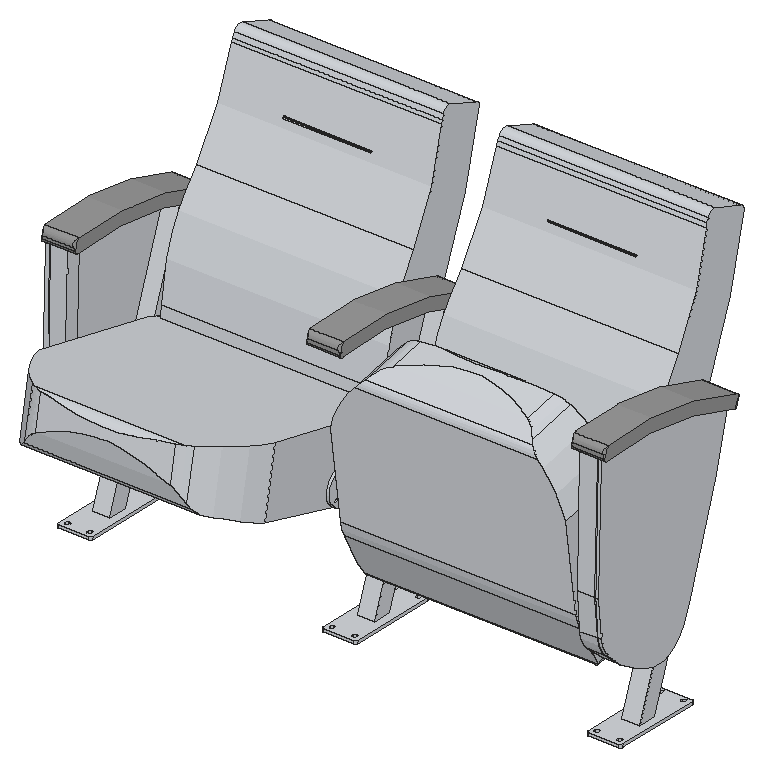
Revit family "104_PACIFIC-LB-585-CBCS(Recovery)", category Furniture Systems, Revit 2019
Family settings
  Round Connector Dimension = Use Diameter
  Part Type = Normal
  Work Plane-Based = No
  Always vertical = Yes
  Cut with Voids When Loaded = No
  Shared = No
  Room Calculation Point = No
Parameters (values of type "CC 560")
  Description = "PACIFIC, HB, CB-CS, C/C:560"
Reference planes
  plane 1 "Center (Front/Back)": y = 0
  plane 2: z = 0
  plane 3 "Center (Left/Right)": x = 0
  plane 4 "R": x = -585
  plane 5 "L": x = 585
  plane 6 "seat Ctr RT": x = -292.5
  plane 7 "seat ctr LF": x = 292.5
  plane 8 "Sizeline": y = -88.5
  plane 9 "RIGHT OUTER PANEL": x = -614
  plane 10 "LEFT AOTER PANEL": x = 614
  plane 11 "BACK HEIGHT": z = 865
  plane 12 "BACK": y = 361.5
  plane 13 "20 DEG": through (0, 289.766, 987.699) normal (0, -0.9397, 0.342)
  plane 14 "clos dep": y = -168.5
  plane 15 "OPEN DEP": y = -393.5
Forms (mm)
  Extrusion 1, solid
    sketch origin (0, 0, 0) x (0, 1, 0) y (0, 0, 1)
      loop
        line (-26.51, 6) -> (13.928, 6) -> (205.814, 533.201) -> (170.106, 546.198) -> (-26.51, 6)
    from -19 to 19
  Extrusion 2, solid
    sketch origin (0, 0, 0) x (1, 0, 0) y (0, 1, 0)
      loop
        arc (-33, 101.5) -> (-36.536, 100.036) -> (-38, 96.5) r 5
        line (-38, 96.5) -> (-38, -96.5)
        arc (-38, -96.5) -> (-36.536, -100.036) -> (-33, -101.5) r 5
        line (-33, -101.5) -> (33, -101.5)
        arc (33, -101.5) -> (36.536, -100.036) -> (38, -96.5) r 5
        line (38, -96.5) -> (38, 96.5)
        arc (38, 96.5) -> (36.536, 100.036) -> (33, 101.5) r 5
        line (33, 101.5) -> (-33, 101.5)
      loop
        circle (25, 88.5) r 5
      loop
        circle (-25, 88.5) r 5
      loop
        circle (-25, -88.5) r 5
      loop
        circle (25, -88.5) r 5
      loop
        arc (-618, 101.5) -> (-621.536, 100.036) -> (-623, 96.5) r 5
        line (-623, 96.5) -> (-623, -96.5)
        arc (-623, -96.5) -> (-621.536, -100.036) -> (-618, -101.5) r 5
        line (-618, -101.5) -> (-552, -101.5)
        arc (-552, -101.5) -> (-548.464, -100.036) -> (-547, -96.5) r 5
        line (-547, -96.5) -> (-547, 96.5)
        arc (-547, 96.5) -> (-548.464, 100.036) -> (-552, 101.5) r 5
        line (-552, 101.5) -> (-618, 101.5)
      loop
        circle (-560, 88.5) r 5
      loop
        circle (-610, 88.5) r 5
      loop
        circle (-610, -88.5) r 5
      loop
        circle (-560, -88.5) r 5
      loop
        arc (552, 101.5) -> (548.464, 100.036) -> (547, 96.5) r 5
        line (547, 96.5) -> (547, -96.5)
        arc (547, -96.5) -> (548.464, -100.036) -> (552, -101.5) r 5
        line (552, -101.5) -> (618, -101.5)
        arc (618, -101.5) -> (621.536, -100.036) -> (623, -96.5) r 5
        line (623, -96.5) -> (623, 96.5)
        arc (623, 96.5) -> (621.536, 100.036) -> (618, 101.5) r 5
        line (618, 101.5) -> (552, 101.5)
      loop
        circle (610, 88.5) r 5
      loop
        circle (560, 88.5) r 5
      loop
        circle (560, -88.5) r 5
      loop
        circle (610, -88.5) r 5
    from 0 to 6
  Extrusion 3, solid
    sketch origin (0, 0, 0) x (0, 1, 0) y (0, 0, 1)
      loop
        arc (-101.455, 582.835) -> (54.94, 575.212) -> (205.662, 532.784) r 695.254
        line (205.662, 532.784) -> (207.287, 537.247)
        arc (207.287, 537.247) -> (55.614, 579.911) -> (-101.759, 587.572) r 700
        line (-101.759, 587.572) -> (-101.455, 582.835)
    from -19 to 19
  Extrusion 4, solid
    sketch origin (-614, 0, 0) x (0, 0, -1) y (0, -1, 0)
      loop
        arc (-117.149, 14.195) -> (-145.681, 71.818) -> (-185.836, 122.037) r 300
        arc (-185.836, 122.037) -> (-206.318, 136.475) -> (-230.225, 143.991) r 81.315
        arc (-230.225, 143.991) -> (-271.367, 148.68) -> (-312.75, 150.137) r 528.986
        line (-312.75, 150.137) -> (-584.657, 142.965)
        arc (-584.657, 142.965) -> (-583.127, -32.628) -> (-537.783, -202.272) r 697.378
        line (-537.783, -202.272) -> (-418.482, -172.763)
        arc (-418.482, -172.763) -> (-306.107, -138.003) -> (-195.905, -96.868) r 2054.339
        arc (-195.905, -96.868) -> (-176.76, -88.34) -> (-157.687, -79.65) r 2458.506
        arc (-157.687, -79.65) -> (-118.869, -40.74) -> (-117.149, 14.195) r 74.751
    from -9 to 0
  Extrusion 5, solid
    sketch origin (-585, 0, 0) x (0, 1, 0) y (0, 0, 1)
      loop
        line (-25.138, 121.418) -> (-24.642, 140.233) -> (-122.507, 222.503) -> (-121.39, 264.864)
        arc (-121.39, 264.864) -> (-134.611, 296.804) -> (-119.724, 328.004) r 42.5
        line (-119.724, 328.004) -> (-112.878, 587.55)
        arc (-112.878, 587.55) -> (-127.937, 586.267) -> (-142.965, 584.657) r 697.378
        line (-142.965, 584.657) -> (-150.137, 312.75)
        arc (-150.137, 312.75) -> (-148.68, 271.367) -> (-143.991, 230.225) r 528.986
        arc (-143.991, 230.225) -> (-136.475, 206.318) -> (-122.037, 185.836) r 81.315
        arc (-122.037, 185.836) -> (-76.741, 148.884) -> (-25.138, 121.418) r 300
    from -20 to 19
  Extrusion 6, solid
    sketch origin (-585, 0, 0) x (0, 1, 0) y (0, 0, 1)
      loop
        line (-26.51, 6) -> (13.928, 6) -> (205.814, 533.201) -> (170.106, 546.198) -> (-26.51, 6)
    from -19 to 19
  Extrusion 7, solid
    sketch origin (585, 0, 0) x (0, 1, 0) y (0, 0, 1)
      loop
        line (-26.51, 6) -> (13.928, 6) -> (205.814, 533.201) -> (170.106, 546.198) -> (-26.51, 6)
    from -19 to 19
  Extrusion 8, solid
    sketch origin (614, 0, 0) x (0, 0, -1) y (0, -1, 0)
      loop
        arc (-117.149, 14.195) -> (-145.681, 71.818) -> (-185.836, 122.037) r 300
        arc (-185.836, 122.037) -> (-206.318, 136.475) -> (-230.225, 143.991) r 81.315
        arc (-230.225, 143.991) -> (-271.367, 148.68) -> (-312.75, 150.137) r 528.986
        line (-312.75, 150.137) -> (-584.657, 142.965)
        arc (-584.657, 142.965) -> (-583.127, -32.628) -> (-537.783, -202.272) r 697.378
        line (-537.783, -202.272) -> (-418.482, -172.763)
        arc (-418.482, -172.763) -> (-306.107, -138.003) -> (-195.905, -96.868) r 2054.339
        arc (-195.905, -96.868) -> (-176.76, -88.34) -> (-157.687, -79.65) r 2458.506
        arc (-157.687, -79.65) -> (-118.869, -40.74) -> (-117.149, 14.195) r 74.751
    from 0 to 9
  Extrusion 9, solid
    sketch origin (585, 0, 0) x (0, 1, 0) y (0, 0, 1)
      loop
        line (-25.138, 121.418) -> (-24.642, 140.233) -> (-122.507, 222.503) -> (-121.39, 264.864)
        arc (-121.39, 264.864) -> (-134.611, 296.804) -> (-119.724, 328.004) r 42.5
        line (-119.724, 328.004) -> (-112.878, 587.55)
        arc (-112.878, 587.55) -> (-127.937, 586.267) -> (-142.965, 584.657) r 697.378
        line (-142.965, 584.657) -> (-150.137, 312.75)
        arc (-150.137, 312.75) -> (-148.68, 271.367) -> (-143.991, 230.225) r 528.986
        arc (-143.991, 230.225) -> (-136.475, 206.318) -> (-122.037, 185.836) r 81.315
        arc (-122.037, 185.836) -> (-76.741, 148.884) -> (-25.138, 121.418) r 300
    from -19 to 20
  Extrusion 10, solid
    sketch origin (0, 0, 0) x (0, 1, 0) y (0, 0, 1)
      loop
        arc (93.836, 336.649) -> (17.122, 322.719) -> (-60.833, 324.138) r 394.75
        arc (-60.833, 324.138) -> (-64.711, 325.126) -> (-68.189, 327.105) r 15
        arc (-68.189, 327.105) -> (-123.157, 320.124) -> (-117.063, 265.051) r 39.5
        arc (-117.063, 265.051) -> (-112.619, 262.551) -> (-107.593, 261.684) r 15
        line (-107.593, 261.684) -> (66.551, 261.684) -> (93.836, 336.649)
      loop
        circle (-71.126, 313.684) r 5
      loop
        circle (-66.126, 276.684) r 4.25
      loop
        circle (-113.126, 277.684) r 5
    from -3 to 3
  Extrusion 11, solid
    sketch origin (-585, 0, 0) x (0, 1, 0) y (0, 0, 1)
      loop
        arc (93.836, 336.649) -> (17.122, 322.719) -> (-60.833, 324.138) r 394.75
        arc (-60.833, 324.138) -> (-64.711, 325.126) -> (-68.189, 327.105) r 15
        arc (-68.189, 327.105) -> (-123.157, 320.124) -> (-117.063, 265.051) r 39.5
        arc (-117.063, 265.051) -> (-112.619, 262.551) -> (-107.593, 261.684) r 15
        line (-107.593, 261.684) -> (66.551, 261.684) -> (93.836, 336.649)
      loop
        circle (-71.126, 313.684) r 5
      loop
        circle (-66.126, 276.684) r 4.25
      loop
        circle (-113.126, 277.684) r 5
    from -3 to 3
  Extrusion 12, solid
    sketch origin (585, 0, 0) x (0, 1, 0) y (0, 0, 1)
      loop
        arc (93.836, 336.649) -> (17.122, 322.719) -> (-60.833, 324.138) r 394.75
        arc (-60.833, 324.138) -> (-64.711, 325.126) -> (-68.189, 327.105) r 15
        arc (-68.189, 327.105) -> (-123.157, 320.124) -> (-117.063, 265.051) r 39.5
        arc (-117.063, 265.051) -> (-112.619, 262.551) -> (-107.593, 261.684) r 15
        line (-107.593, 261.684) -> (66.551, 261.684) -> (93.836, 336.649)
      loop
        circle (-71.126, 313.684) r 5
      loop
        circle (-66.126, 276.684) r 4.25
      loop
        circle (-113.126, 277.684) r 5
    from -3 to 3
  Extrusion 13, solid
    sketch origin (292.5, -1116.089, 535.735) x (0, 0.351816, 0.936069) y (0, -0.936069, 0.351816)
      loop
        line (801.29, -1272.425) -> (801.29, -1197.363)
        arc (801.29, -1197.363) -> (796.311, -1185.342) -> (784.29, -1180.363) r 17
        line (784.29, -1180.363) -> (774.017, -1180.363)
        arc (774.017, -1180.363) -> (769.887, -1180.54) -> (765.765, -1180.849) r 130.233
        arc (765.765, -1180.849) -> (652.779, -1187.439) -> (540.597, -1172.464) r 593.591
        arc (540.597, -1172.464) -> (412.894, -1154.34) -> (285.021, -1171.223) r 475.235
        arc (285.021, -1171.223) -> (266.292, -1176.626) -> (247.29, -1180.975) r 349.395
        line (247.29, -1180.975) -> (247.29, -1252.684)
        arc (247.29, -1252.684) -> (244.723, -1259.746) -> (238.221, -1263.513) r 11
        arc (238.221, -1263.513) -> (190.577, -1271.392) -> (142.748, -1278.063) r 1910
        arc (142.748, -1278.063) -> (141.499, -1278.725) -> (140.999, -1280.047) r 2
        line (140.999, -1280.047) -> (140.999, -1289.119)
        arc (140.999, -1289.119) -> (141.676, -1290.619) -> (143.249, -1291.103) r 2
        arc (143.249, -1291.103) -> (192.087, -1284.312) -> (240.735, -1276.27) r 1923
        arc (240.735, -1276.27) -> (338.466, -1266.759) -> (436.098, -1277.251) r 482
        arc (436.098, -1277.251) -> (537, -1289.175) -> (638.59, -1290.932) r 1013
        arc (638.59, -1290.932) -> (716.377, -1286.64) -> (794.032, -1280.391) r 3093
        arc (794.032, -1280.391) -> (799.203, -1277.813) -> (801.29, -1272.425) r 8
    from -245 to 245
  Extrusion 14, void
    sketch origin (0, -61.57, 22.41) x (0, 0.34202, 0.939693) y (-1, 0, 0)
      loop
        line (935.443, -63.487) -> (935.443, -22.5) -> (530.443, -22.5) -> (530.443, -47.5) -> (935.443, -63.487)
    from -152.626 to 53.046
  Extrusion 15, void
    sketch origin (585, -61.57, 22.41) x (0, 0.34202, 0.939693) y (-1, 0, 0)
      loop
        line (935.443, 63.487) -> (530.443, 47.5) -> (530.443, 22.5) -> (935.443, 22.5) -> (935.443, 63.487)
    from -152.626 to 53.046
  Extrusion 16, void
    sketch origin (292.5, 0, 0) x (0, 0, 1) y (0, -1, 0)
      loop
        line (750.094, -232.091) -> (744.273, -229.893) -> (743.831, -231.064)
        arc (743.831, -231.064) -> (744.971, -231.88) -> (745.771, -233.031) r 4.104
        arc (745.771, -233.031) -> (746.324, -233.545) -> (747.079, -233.525) r 1
        arc (747.079, -233.525) -> (748.342, -233.198) -> (749.644, -233.283) r 4.104
        line (749.644, -233.283) -> (750.094, -232.091)
    from -100 to 100
  Extrusion 17, solid
    sketch origin (-292.5, 0, 0) x (0, 0, 1) y (0, -1, 0)
      loop
        line (838.139, -356.895) -> (864.547, -286.631)
        arc (864.547, -286.631) -> (864.116, -273.627) -> (854.615, -264.737) r 17
        line (854.615, -264.737) -> (844.999, -261.123)
        arc (844.999, -261.123) -> (841.071, -259.836) -> (837.104, -258.675) r 130.233
        arc (837.104, -258.675) -> (729.023, -225.093) -> (629.28, -171.609) r 593.591
        arc (629.28, -171.609) -> (516.118, -109.716) -> (390.481, -80.531) r 475.235
        arc (390.481, -80.531) -> (371.048, -78.999) -> (351.73, -76.386) r 349.395
        line (351.73, -76.386) -> (326.502, -143.51)
        arc (326.502, -143.51) -> (321.615, -149.218) -> (314.204, -150.456) r 11
        arc (314.204, -150.456) -> (266.833, -141.069) -> (219.715, -130.487) r 1910
        arc (219.715, -130.487) -> (218.313, -130.667) -> (217.38, -131.729) r 2
        line (217.38, -131.729) -> (214.188, -140.221)
        arc (214.188, -140.221) -> (214.294, -141.863) -> (215.596, -142.87) r 2
        arc (215.596, -142.87) -> (263.701, -153.694) -> (312.068, -163.282) r 1923
        arc (312.068, -163.282) -> (406.898, -188.762) -> (494.596, -232.932) r 482
        arc (494.596, -232.932) -> (584.853, -279.593) -> (679.33, -316.978) r 1013
        arc (679.33, -316.978) -> (753.654, -340.328) -> (828.543, -361.798) r 3093
        arc (828.543, -361.798) -> (834.29, -361.205) -> (838.139, -356.895) r 8
    from -245 to 245
  Extrusion 18, void
    sketch origin (-585, -61.57, 22.41) x (0, 0.34202, 0.939693) y (-1, 0, 0)
      loop
        line (935.443, -63.487) -> (935.443, -22.5) -> (530.443, -22.5) -> (530.443, -47.5) -> (935.443, -63.487)
    from -152.626 to 53.046
  Extrusion 19, void
    sketch origin (0, -61.57, 22.41) x (0, 0.34202, 0.939693) y (-1, 0, 0)
      loop
        line (935.443, 63.487) -> (530.443, 47.5) -> (530.443, 22.5) -> (935.443, 22.5) -> (935.443, 63.487)
    from -152.626 to 53.046
  Extrusion 20, void
    sketch origin (-292.5, 0, 0) x (0, 0, 1) y (0, -1, 0)
      loop
        line (750.094, -232.091) -> (744.273, -229.893) -> (743.831, -231.064)
        arc (743.831, -231.064) -> (744.971, -231.88) -> (745.771, -233.031) r 4.104
        arc (745.771, -233.031) -> (746.324, -233.545) -> (747.079, -233.525) r 1
        arc (747.079, -233.525) -> (748.342, -233.198) -> (749.644, -233.283) r 4.104
        line (749.644, -233.283) -> (750.094, -232.091)
    from -100 to 100
Cuts and joins
  Extrusion 14, Extrusion 15, Extrusion 16, Extrusion 18, Extrusion 19, Extrusion 20 cuts Extrusion 13
  Extrusion 18, Extrusion 19, Extrusion 20 cuts Extrusion 17
Lines and regions (mm)
  symbolic lines, style "temporary"
    curve 1: line (-292.5, -183.198, 551.918) -> (-292.5, -183.198, 554.918)
    curve 2: circle (292.5, -88.5, 298.103) r 25 normal (1, 0, 0)
Dimensions and locks
  equal spacing: plane 5 "L", plane 3 "Center (Left/Right)", plane 4 "R"
  equal spacing: plane 7 "seat ctr LF", plane 3 "Center (Left/Right)", plane 6 "seat Ctr RT"
  plane 7 "seat ctr LF" to plane 6 "seat Ctr RT" = 585.00 mm
  plane 9 "RIGHT OUTER PANEL" to plane 3 "Center (Left/Right)" = 614.00 mm
  plane 3 "Center (Left/Right)" to plane 10 "LEFT AOTER PANEL" = 614.00 mm
  equal spacing: plane 4 "R", plane 3 "Center (Left/Right)", plane 5 "L"
  plane 6 "seat Ctr RT" to plane 7 "seat ctr LF" = 585.00 mm
  plane 12 "BACK" to plane 8 "Sizeline" = 450.00 mm
  plane 11 "BACK HEIGHT" to level = 865.00 mm
  plane 12 "BACK" to plane 14 "clos dep" = 530.00 mm
  plane 12 "BACK" to plane 15 "OPEN DEP" = 755.00 mm
  angle plane 1 "Center (Front/Back)" to plane 13 "20 DEG" = 20.00°
  aligned and locked: level to plane 2
Automatic sketch dimensions
  plane 8 "Sizeline" to curve 1 = 94.698 mm
  curve 1 to curve 1 = 3.00 mm
  level to Extrusion 1 sketch curve = 6.00 mm
  plane 1 "Center (Front/Back)" to Extrusion 1 sketch curve = 26.51 mm
  Extrusion 1 sketch curve to plane 1 "Center (Front/Back)" = 13.928 mm
  Extrusion 1 sketch curve to plane 1 "Center (Front/Back)" = 170.106 mm
  Extrusion 1 sketch curve to Extrusion 1 sketch curve = 35.708 mm
  plane 8 "Sizeline" to Extrusion 2 sketch curve = 0.00 mm  (x6)
  plane 9 "RIGHT OUTER PANEL" to Extrusion 2 sketch curve = 9.00 mm
  plane 9 "RIGHT OUTER PANEL" to Extrusion 2 sketch curve = 4.00 mm  (x2)
  Extrusion 2 sketch curve to plane 9 "RIGHT OUTER PANEL" = 4.00 mm  (x2)
  plane 4 "R" to Extrusion 2 sketch curve = 25.00 mm  (x2)
  Extrusion 2 sketch curve to Extrusion 2 sketch curve = 8.00 mm  (x11)
  Extrusion 2 sketch curve to Extrusion 2 sketch curve = 5.00 mm  (x7)
  plane 8 "Sizeline" to Extrusion 2 sketch curve = 8.00 mm  (x2)
  Extrusion 2 sketch curve to plane 3 "Center (Left/Right)" = 38.00 mm
  plane 3 "Center (Left/Right)" to Extrusion 2 sketch curve = 25.00 mm  (x2)
  Extrusion 2 sketch curve to plane 5 "L" = 38.00 mm
  plane 10 "LEFT AOTER PANEL" to Extrusion 2 sketch curve = 4.00 mm  (x2)
  Extrusion 2 sketch curve to plane 10 "LEFT AOTER PANEL" = 4.00 mm  (x2)
  plane 8 "Sizeline" to Extrusion 2 sketch curve = 13.00 mm
  Extrusion 2 sketch curve to plane 1 "Center (Front/Back)" = 88.50 mm  (x3)
  Extrusion 2 sketch curve to Extrusion 2 sketch curve = 0.00 mm  (x3)
  Extrusion 3 sketch curve to Extrusion 3 sketch curve = 0.00 mm  (x2)
  plane 8 "Sizeline" to Extrusion 3 sketch curve = 13.259 mm
  Extrusion 3 sketch curve to Extrusion 3 sketch curve = 0.304 mm
  Extrusion 3 sketch curve to plane 8 "Sizeline" = 31.609 mm
  plane 12 "BACK" to Extrusion 3 sketch curve = 155.838 mm
  Extrusion 3 sketch curve to Extrusion 3 sketch curve = 1.624 mm
  Extrusion 3 sketch curve to level = 110.989 mm
  Extrusion 3 sketch curve to plane 11 "BACK HEIGHT" = 332.216 mm
  Extrusion 3 sketch curve to Extrusion 3 sketch curve = 4.463 mm
  plane 11 "BACK HEIGHT" to Extrusion 4 sketch curve = 321.635 mm
  plane 11 "BACK HEIGHT" to Extrusion 4 sketch curve = 104.119 mm
  plane 8 "Sizeline" to Extrusion 4 sketch curve = 54.465 mm
  Extrusion 4 sketch curve to plane 11 "BACK HEIGHT" = 280.343 mm
  plane 12 "BACK" to Extrusion 4 sketch curve = 159.228 mm
  Extrusion 4 sketch curve to Extrusion 4 sketch curve = 46.874 mm
  Extrusion 4 sketch curve to plane 1 "Center (Front/Back)" = 172.763 mm
  Extrusion 4 sketch curve to Extrusion 4 sketch curve = 119.301 mm
  Extrusion 4 sketch curve to Extrusion 4 sketch curve = 19.767 mm
  plane 8 "Sizeline" to Extrusion 4 sketch curve = 61.637 mm
  Extrusion 4 sketch curve to Extrusion 4 sketch curve = 85.964 mm
  Extrusion 4 sketch curve to plane 12 "BACK" = 17.344 mm
  Extrusion 4 sketch curve to Extrusion 4 sketch curve = 107.825 mm
  Extrusion 4 sketch curve to plane 8 "Sizeline" = 24.913 mm
  Extrusion 4 sketch curve to Extrusion 4 sketch curve = 70.383 mm
  Extrusion 4 sketch curve to plane 1 "Center (Front/Back)" = 11.097 mm
  Extrusion 4 sketch curve to Extrusion 4 sketch curve = 54.876 mm
  Extrusion 4 sketch curve to plane 8 "Sizeline" = 27.303 mm
  Extrusion 4 sketch curve to Extrusion 4 sketch curve = 83.417 mm
  Extrusion 4 sketch curve to Extrusion 4 sketch curve = 1663.44 mm
  Extrusion 4 sketch curve to Extrusion 4 sketch curve = 346.772 mm
  plane 8 "Sizeline" to Extrusion 4 sketch curve = 55.491 mm
  Extrusion 4 sketch curve to Extrusion 4 sketch curve = 8.415 mm
  plane 8 "Sizeline" to Extrusion 4 sketch curve = 33.537 mm
  Extrusion 4 sketch curve to Extrusion 4 sketch curve = 38.218 mm
  plane 8 "Sizeline" to Extrusion 5 sketch curve = 61.637 mm
  plane 8 "Sizeline" to Extrusion 5 sketch curve = 54.465 mm
  plane 8 "Sizeline" to Extrusion 5 sketch curve = 34.007 mm
  plane 8 "Sizeline" to Extrusion 5 sketch curve = 32.89 mm
  plane 8 "Sizeline" to Extrusion 5 sketch curve = 31.224 mm
  plane 8 "Sizeline" to Extrusion 5 sketch curve = 24.378 mm
  plane 8 "Sizeline" to Extrusion 5 sketch curve = 3.626 mm
  Extrusion 5 sketch curve to plane 8 "Sizeline" = 24.913 mm
  Extrusion 5 sketch curve to plane 8 "Sizeline" = 27.303 mm
  plane 1 "Center (Front/Back)" to Extrusion 5 sketch curve = 25.138 mm
  Extrusion 5 sketch curve to Extrusion 5 sketch curve = 0.496 mm
  Extrusion 5 sketch curve to plane 1 "Center (Front/Back)" = 89.346 mm
  Extrusion 5 sketch curve to plane 12 "BACK" = 17.344 mm
  Extrusion 5 sketch curve to level = 107.91 mm
  level to Extrusion 5 sketch curve = 121.418 mm
  Extrusion 5 sketch curve to Extrusion 5 sketch curve = 18.815 mm
  Extrusion 5 sketch curve to Extrusion 5 sketch curve = 82.27 mm
  Extrusion 5 sketch curve to Extrusion 5 sketch curve = 19.864 mm
  Extrusion 5 sketch curve to Extrusion 5 sketch curve = 42.36 mm
  Extrusion 5 sketch curve to Extrusion 5 sketch curve = 30.82 mm
  level to Extrusion 5 sketch curve = 310.656 mm
  Extrusion 5 sketch curve to Extrusion 5 sketch curve = 15.253 mm
  Extrusion 5 sketch curve to Extrusion 5 sketch curve = 103.031 mm
  Extrusion 5 sketch curve to Extrusion 5 sketch curve = 256.654 mm
  Extrusion 5 sketch curve to Extrusion 5 sketch curve = 21.484 mm
  level to Extrusion 6 sketch curve = 6.00 mm
  plane 1 "Center (Front/Back)" to Extrusion 6 sketch curve = 26.51 mm
  Extrusion 6 sketch curve to plane 1 "Center (Front/Back)" = 13.928 mm
  Extrusion 6 sketch curve to plane 1 "Center (Front/Back)" = 170.106 mm
  Extrusion 6 sketch curve to Extrusion 6 sketch curve = 35.708 mm
  level to Extrusion 7 sketch curve = 6.00 mm
  plane 1 "Center (Front/Back)" to Extrusion 7 sketch curve = 26.51 mm
  Extrusion 7 sketch curve to plane 1 "Center (Front/Back)" = 13.928 mm
  Extrusion 7 sketch curve to plane 1 "Center (Front/Back)" = 170.106 mm
  Extrusion 7 sketch curve to Extrusion 7 sketch curve = 35.708 mm
  plane 11 "BACK HEIGHT" to Extrusion 8 sketch curve = 321.635 mm
  plane 11 "BACK HEIGHT" to Extrusion 8 sketch curve = 104.119 mm
  plane 8 "Sizeline" to Extrusion 8 sketch curve = 54.465 mm
  Extrusion 8 sketch curve to plane 11 "BACK HEIGHT" = 280.343 mm
  plane 12 "BACK" to Extrusion 8 sketch curve = 159.228 mm
  Extrusion 8 sketch curve to Extrusion 8 sketch curve = 46.874 mm
  Extrusion 8 sketch curve to plane 1 "Center (Front/Back)" = 172.763 mm
  Extrusion 8 sketch curve to Extrusion 8 sketch curve = 119.301 mm
  Extrusion 8 sketch curve to Extrusion 8 sketch curve = 19.767 mm
  plane 8 "Sizeline" to Extrusion 8 sketch curve = 61.637 mm
  Extrusion 8 sketch curve to Extrusion 8 sketch curve = 85.964 mm
  Extrusion 8 sketch curve to plane 12 "BACK" = 17.344 mm
  Extrusion 8 sketch curve to Extrusion 8 sketch curve = 107.825 mm
  Extrusion 8 sketch curve to plane 8 "Sizeline" = 24.913 mm
  Extrusion 8 sketch curve to Extrusion 8 sketch curve = 70.383 mm
  Extrusion 8 sketch curve to plane 1 "Center (Front/Back)" = 11.097 mm
  Extrusion 8 sketch curve to Extrusion 8 sketch curve = 54.876 mm
  Extrusion 8 sketch curve to plane 8 "Sizeline" = 27.303 mm
  Extrusion 8 sketch curve to Extrusion 8 sketch curve = 83.417 mm
  Extrusion 8 sketch curve to Extrusion 8 sketch curve = 1663.44 mm
  Extrusion 8 sketch curve to Extrusion 8 sketch curve = 346.772 mm
  plane 8 "Sizeline" to Extrusion 8 sketch curve = 55.491 mm
  Extrusion 8 sketch curve to Extrusion 8 sketch curve = 8.415 mm
  plane 8 "Sizeline" to Extrusion 8 sketch curve = 33.537 mm
  Extrusion 8 sketch curve to Extrusion 8 sketch curve = 38.218 mm
  plane 8 "Sizeline" to Extrusion 9 sketch curve = 61.637 mm
  plane 8 "Sizeline" to Extrusion 9 sketch curve = 54.465 mm
  plane 8 "Sizeline" to Extrusion 9 sketch curve = 34.007 mm
  plane 8 "Sizeline" to Extrusion 9 sketch curve = 32.89 mm
  plane 8 "Sizeline" to Extrusion 9 sketch curve = 31.224 mm
  plane 8 "Sizeline" to Extrusion 9 sketch curve = 24.378 mm
  plane 8 "Sizeline" to Extrusion 9 sketch curve = 3.626 mm
  Extrusion 9 sketch curve to plane 8 "Sizeline" = 24.913 mm
  Extrusion 9 sketch curve to plane 8 "Sizeline" = 27.303 mm
  plane 1 "Center (Front/Back)" to Extrusion 9 sketch curve = 25.138 mm
  Extrusion 9 sketch curve to Extrusion 9 sketch curve = 0.496 mm
  Extrusion 9 sketch curve to plane 1 "Center (Front/Back)" = 89.346 mm
  Extrusion 9 sketch curve to plane 12 "BACK" = 17.344 mm
  Extrusion 9 sketch curve to level = 107.91 mm
  level to Extrusion 9 sketch curve = 121.418 mm
  Extrusion 9 sketch curve to Extrusion 9 sketch curve = 18.815 mm
  Extrusion 9 sketch curve to Extrusion 9 sketch curve = 82.27 mm
  Extrusion 9 sketch curve to Extrusion 9 sketch curve = 19.864 mm
  Extrusion 9 sketch curve to Extrusion 9 sketch curve = 42.36 mm
  Extrusion 9 sketch curve to Extrusion 9 sketch curve = 30.82 mm
  level to Extrusion 9 sketch curve = 310.656 mm
  Extrusion 9 sketch curve to Extrusion 9 sketch curve = 15.253 mm
  Extrusion 9 sketch curve to Extrusion 9 sketch curve = 103.031 mm
  Extrusion 9 sketch curve to Extrusion 9 sketch curve = 256.654 mm
  Extrusion 9 sketch curve to Extrusion 9 sketch curve = 21.484 mm
  Extrusion 10 sketch curve to Extrusion 10 sketch curve = 0.00 mm  (x8)
  plane 8 "Sizeline" to Extrusion 10 sketch curve = 24.626 mm
  Extrusion 10 sketch curve to Extrusion 10 sketch curve = 5.532 mm
  plane 8 "Sizeline" to Extrusion 10 sketch curve = 3.626 mm
  Extrusion 10 sketch curve to plane 8 "Sizeline" = 17.374 mm
  Extrusion 10 sketch curve to plane 8 "Sizeline" = 22.374 mm
  Extrusion 10 sketch curve to Extrusion 10 sketch curve = 12.026 mm
  plane 1 "Center (Front/Back)" to Extrusion 10 sketch curve = 14.706 mm
  Extrusion 10 sketch curve to plane 1 "Center (Front/Back)" = 66.551 mm
  Extrusion 10 sketch curve to Extrusion 10 sketch curve = 27.285 mm
  level to Extrusion 10 sketch curve = 261.684 mm
  Extrusion 10 sketch curve to Extrusion 10 sketch curve = 15.00 mm  (x2)
  Extrusion 10 sketch curve to Extrusion 10 sketch curve = 1.00 mm
  Extrusion 10 sketch curve to Extrusion 10 sketch curve = 18.00 mm  (x2)
  Extrusion 10 sketch curve to Extrusion 10 sketch curve = 74.966 mm
  Extrusion 10 sketch curve to Extrusion 10 sketch curve = 25.353 mm
  Extrusion 10 sketch curve to plane 11 "BACK HEIGHT" = 148.816 mm
  Extrusion 10 sketch curve to Extrusion 10 sketch curve = 5.00 mm  (x2)
  Extrusion 10 sketch curve to Extrusion 10 sketch curve = 4.25 mm
  plane 8 "Sizeline" to Extrusion 11 sketch curve = 24.626 mm
  Extrusion 11 sketch curve to Extrusion 11 sketch curve = 5.532 mm
  plane 8 "Sizeline" to Extrusion 11 sketch curve = 3.626 mm
  Extrusion 11 sketch curve to plane 8 "Sizeline" = 17.374 mm
  Extrusion 11 sketch curve to plane 8 "Sizeline" = 22.374 mm
  Extrusion 11 sketch curve to Extrusion 11 sketch curve = 12.026 mm
  plane 1 "Center (Front/Back)" to Extrusion 11 sketch curve = 14.706 mm
  Extrusion 11 sketch curve to plane 1 "Center (Front/Back)" = 66.551 mm
  Extrusion 11 sketch curve to Extrusion 11 sketch curve = 27.285 mm
  level to Extrusion 11 sketch curve = 261.684 mm
  Extrusion 11 sketch curve to Extrusion 11 sketch curve = 15.00 mm
  Extrusion 11 sketch curve to Extrusion 11 sketch curve = 0.00 mm  (x3)
  Extrusion 11 sketch curve to Extrusion 11 sketch curve = 1.00 mm
  Extrusion 11 sketch curve to Extrusion 11 sketch curve = 19.00 mm
  Extrusion 11 sketch curve to Extrusion 11 sketch curve = 18.00 mm
  Extrusion 11 sketch curve to Extrusion 11 sketch curve = 74.966 mm
  Extrusion 11 sketch curve to Extrusion 11 sketch curve = 25.353 mm
  Extrusion 11 sketch curve to plane 11 "BACK HEIGHT" = 148.816 mm
  Extrusion 12 sketch curve to Extrusion 12 sketch curve = 0.00 mm  (x8)
  plane 8 "Sizeline" to Extrusion 12 sketch curve = 24.626 mm
  Extrusion 12 sketch curve to Extrusion 12 sketch curve = 5.532 mm
  plane 8 "Sizeline" to Extrusion 12 sketch curve = 3.626 mm
  Extrusion 12 sketch curve to plane 8 "Sizeline" = 17.374 mm
  Extrusion 12 sketch curve to plane 8 "Sizeline" = 22.374 mm
  Extrusion 12 sketch curve to Extrusion 12 sketch curve = 12.026 mm
  plane 1 "Center (Front/Back)" to Extrusion 12 sketch curve = 14.706 mm
  Extrusion 12 sketch curve to plane 1 "Center (Front/Back)" = 66.551 mm
  Extrusion 12 sketch curve to Extrusion 12 sketch curve = 27.285 mm
  level to Extrusion 12 sketch curve = 261.684 mm
  Extrusion 12 sketch curve to Extrusion 12 sketch curve = 15.00 mm  (x2)
  Extrusion 12 sketch curve to Extrusion 12 sketch curve = 1.00 mm
  Extrusion 12 sketch curve to Extrusion 12 sketch curve = 18.00 mm  (x2)
  Extrusion 12 sketch curve to Extrusion 12 sketch curve = 74.966 mm
  Extrusion 12 sketch curve to Extrusion 12 sketch curve = 25.353 mm
  Extrusion 12 sketch curve to plane 11 "BACK HEIGHT" = 148.816 mm
  Extrusion 12 sketch curve to Extrusion 12 sketch curve = 5.00 mm  (x2)
  Extrusion 12 sketch curve to Extrusion 12 sketch curve = 4.25 mm
  Extrusion 13 sketch curve to Extrusion 13 sketch curve = 0.00 mm  (x4)
  Extrusion 13 sketch curve to plane 11 "BACK HEIGHT" = 203.23 mm
  plane 8 "Sizeline" to Extrusion 13 sketch curve = 1639.154 mm
  Extrusion 13 sketch curve to Extrusion 13 sketch curve = 238.179 mm
  Extrusion 13 sketch curve to Extrusion 13 sketch curve = 2.00 mm  (x2)
  Extrusion 13 sketch curve to Extrusion 13 sketch curve = 35.858 mm
  Extrusion 13 sketch curve to Extrusion 13 sketch curve = 93.291 mm
  Extrusion 13 sketch curve to Extrusion 13 sketch curve = 11.00 mm
  Extrusion 13 sketch curve to Extrusion 13 sketch curve = 193.047 mm
  Extrusion 13 sketch curve to Extrusion 13 sketch curve = 74.54 mm
  Extrusion 13 sketch curve to Extrusion 13 sketch curve = 604.288 mm
  Extrusion 13 sketch curve to Extrusion 13 sketch curve = 426.429 mm
  Extrusion 13 sketch curve to Extrusion 13 sketch curve = 69.582 mm
  Extrusion 13 sketch curve to Extrusion 13 sketch curve = 526.727 mm
  Extrusion 13 sketch curve to Extrusion 13 sketch curve = 3.529 mm
  Extrusion 13 sketch curve to Extrusion 13 sketch curve = 10.273 mm
  Extrusion 13 sketch curve to Extrusion 13 sketch curve = 15.743 mm
  Extrusion 13 sketch curve to Extrusion 13 sketch curve = 17.00 mm
  Extrusion 13 sketch curve to Extrusion 13 sketch curve = 895.287 mm
  Extrusion 13 sketch curve to Extrusion 13 sketch curve = 315.779 mm
  Extrusion 13 sketch curve to Extrusion 13 sketch curve = 244.089 mm
  Extrusion 13 sketch curve to Extrusion 13 sketch curve = 586.104 mm
  Extrusion 13 sketch curve to Extrusion 13 sketch curve = 342.628 mm
  Extrusion 13 sketch curve to Extrusion 13 sketch curve = 71.709 mm
  Extrusion 13 sketch curve to Extrusion 13 sketch curve = 75.063 mm
  Extrusion 13 sketch curve to Extrusion 13 sketch curve = 16.534 mm
  Extrusion 13 sketch curve to Extrusion 13 sketch curve = 9.072 mm
  Extrusion 13 sketch curve to Extrusion 13 sketch curve = 30.157 mm
  Extrusion 13 sketch curve to Extrusion 13 sketch curve = 366.057 mm
  Extrusion 13 sketch curve to Extrusion 13 sketch curve = 119.183 mm
  Extrusion 13 sketch curve to Extrusion 13 sketch curve = 1182.465 mm
  Extrusion 13 sketch curve to Extrusion 13 sketch curve = 2.513 mm
  Extrusion 13 sketch curve to Extrusion 13 sketch curve = 37.732 mm
  Extrusion 13 sketch curve to Extrusion 13 sketch curve = 151.076 mm
  Extrusion 13 sketch curve to Extrusion 13 sketch curve = 104.499 mm
  Extrusion 13 sketch curve to Extrusion 13 sketch curve = 138.957 mm
  plane 3 "Center (Left/Right)" to Extrusion 14 sketch curve = 47.50 mm
  plane 3 "Center (Left/Right)" to Extrusion 14 sketch curve = 22.50 mm
  Extrusion 14 sketch curve to Extrusion 14 sketch curve = 405.00 mm
  Extrusion 14 sketch curve to Extrusion 14 sketch curve = 40.987 mm
  plane 5 "L" to Extrusion 15 sketch curve = 47.50 mm
  plane 5 "L" to Extrusion 15 sketch curve = 22.50 mm
  Extrusion 15 sketch curve to Extrusion 15 sketch curve = 405.00 mm
  Extrusion 15 sketch curve to Extrusion 15 sketch curve = 40.987 mm
  Extrusion 16 sketch curve to plane 11 "BACK HEIGHT" = 122.951 mm
  Extrusion 16 sketch curve to Extrusion 16 sketch curve = 1.782 mm
  Extrusion 16 sketch curve to Extrusion 16 sketch curve = 0.442 mm
  Extrusion 16 sketch curve to Extrusion 16 sketch curve = 2.846 mm
  Extrusion 16 sketch curve to Extrusion 16 sketch curve = 2.051 mm
  Extrusion 16 sketch curve to Extrusion 16 sketch curve = 2.966 mm
  Extrusion 16 sketch curve to Extrusion 16 sketch curve = 0.45 mm
  plane 12 "BACK" to Extrusion 16 sketch curve = 124.216 mm
  Extrusion 16 sketch curve to Extrusion 16 sketch curve = 2.522 mm
  Extrusion 16 sketch curve to Extrusion 16 sketch curve = 4.001 mm
  Extrusion 16 sketch curve to Extrusion 16 sketch curve = 0.673 mm
  Extrusion 16 sketch curve to Extrusion 16 sketch curve = 1.192 mm
  Extrusion 16 sketch curve to Extrusion 16 sketch curve = 0.00 mm
  plane 4 "R" to Extrusion 18 sketch curve = 47.50 mm
  plane 4 "R" to Extrusion 18 sketch curve = 22.50 mm
  Extrusion 18 sketch curve to Extrusion 18 sketch curve = 405.00 mm
  Extrusion 18 sketch curve to Extrusion 18 sketch curve = 40.987 mm
  plane 3 "Center (Left/Right)" to Extrusion 19 sketch curve = 47.50 mm
  plane 3 "Center (Left/Right)" to Extrusion 19 sketch curve = 22.50 mm
  Extrusion 19 sketch curve to Extrusion 19 sketch curve = 405.00 mm
  Extrusion 19 sketch curve to Extrusion 19 sketch curve = 40.987 mm
  Extrusion 20 sketch curve to plane 11 "BACK HEIGHT" = 122.951 mm
  Extrusion 20 sketch curve to Extrusion 20 sketch curve = 1.782 mm
  Extrusion 20 sketch curve to Extrusion 20 sketch curve = 0.442 mm
  Extrusion 20 sketch curve to Extrusion 20 sketch curve = 2.846 mm
  Extrusion 20 sketch curve to Extrusion 20 sketch curve = 2.051 mm
  Extrusion 20 sketch curve to Extrusion 20 sketch curve = 2.966 mm
  Extrusion 20 sketch curve to Extrusion 20 sketch curve = 0.45 mm
  plane 12 "BACK" to Extrusion 20 sketch curve = 124.216 mm
  Extrusion 20 sketch curve to Extrusion 20 sketch curve = 2.522 mm
  Extrusion 20 sketch curve to Extrusion 20 sketch curve = 4.001 mm
  Extrusion 20 sketch curve to Extrusion 20 sketch curve = 0.673 mm
  Extrusion 20 sketch curve to Extrusion 20 sketch curve = 1.192 mm
  Extrusion 20 sketch curve to Extrusion 20 sketch curve = 0.00 mm
  Extrusion 17 sketch curve to Extrusion 17 sketch curve = 0.00 mm  (x4)
  level to Extrusion 17 sketch curve = 214.188 mm
  Extrusion 17 sketch curve to Extrusion 17 sketch curve = 1.872 mm  (x2)
  Extrusion 17 sketch curve to Extrusion 17 sketch curve = 3.192 mm
  level to Extrusion 17 sketch curve = 235.06 mm
  Extrusion 17 sketch curve to Extrusion 17 sketch curve = 96.953 mm
  Extrusion 17 sketch curve to plane 1 "Center (Front/Back)" = 143.51 mm
  Extrusion 17 sketch curve to Extrusion 17 sketch curve = 10.297 mm
  Extrusion 17 sketch curve to Extrusion 17 sketch curve = 111.705 mm
  Extrusion 17 sketch curve to plane 1 "Center (Front/Back)" = 76.386 mm
  Extrusion 17 sketch curve to Extrusion 17 sketch curve = 25.228 mm
  Extrusion 17 sketch curve to Extrusion 17 sketch curve = 56.484 mm
  Extrusion 17 sketch curve to plane 11 "BACK HEIGHT" = 203.23 mm
  Extrusion 17 sketch curve to plane 12 "BACK" = 22.727 mm
  Extrusion 17 sketch curve to plane 11 "BACK HEIGHT" = 62.498 mm
  plane 12 "BACK" to Extrusion 17 sketch curve = 7.42 mm
  Extrusion 17 sketch curve to plane 11 "BACK HEIGHT" = 34.349 mm
  plane 12 "BACK" to Extrusion 17 sketch curve = 4.605 mm
  Extrusion 17 sketch curve to Extrusion 17 sketch curve = 7.489 mm
  Extrusion 17 sketch curve to plane 11 "BACK HEIGHT" = 20.001 mm
  Extrusion 17 sketch curve to plane 11 "BACK HEIGHT" = 16.366 mm
  Extrusion 17 sketch curve to Extrusion 17 sketch curve = 9.616 mm
  Extrusion 17 sketch curve to plane 11 "BACK HEIGHT" = 0.453 mm
  plane 11 "BACK HEIGHT" to Extrusion 17 sketch curve = 93.389 mm
  plane 11 "BACK HEIGHT" to Extrusion 17 sketch curve = 139.352 mm
  plane 11 "BACK HEIGHT" to Extrusion 17 sketch curve = 778.436 mm
  Extrusion 17 sketch curve to plane 12 "BACK" = 192.251 mm
  Extrusion 17 sketch curve to Extrusion 17 sketch curve = 85.339 mm
  plane 12 "BACK" to Extrusion 17 sketch curve = 74.869 mm
  Extrusion 17 sketch curve to Extrusion 17 sketch curve = 5.981 mm
  Extrusion 17 sketch curve to Extrusion 17 sketch curve = 3.614 mm
  Extrusion 17 sketch curve to Extrusion 17 sketch curve = 2.586 mm
  Extrusion 17 sketch curve to Extrusion 17 sketch curve = 0.704 mm  (x2)
  Extrusion 17 sketch curve to Extrusion 17 sketch curve = 3.87 mm
  Extrusion 17 sketch curve to Extrusion 17 sketch curve = 8.492 mm
  plane 8 "Sizeline" to Extrusion 17 sketch curve = 179.913 mm
  plane 1 "Center (Front/Back)" to Extrusion 17 sketch curve = 322.393 mm
  Extrusion 17 sketch curve to Extrusion 17 sketch curve = 320.071 mm
  Extrusion 17 sketch curve to Extrusion 17 sketch curve = 1085.189 mm
  Extrusion 17 sketch curve to Extrusion 17 sketch curve = 894.271 mm
  Extrusion 17 sketch curve to Extrusion 17 sketch curve = 2.136 mm
  Extrusion 17 sketch curve to Extrusion 17 sketch curve = 38.75 mm
  plane 12 "BACK" to Extrusion 17 sketch curve = 128.568 mm
  Extrusion 17 sketch curve to Extrusion 17 sketch curve = 134.684 mm
  plane 12 "BACK" to Extrusion 17 sketch curve = 44.522 mm
  curve 2 to plane 8 "Sizeline" = 0.00 mm
  level to curve 2 = 298.103 mm
  curve 1 to plane 11 "BACK HEIGHT" = 313.082 mm
  radius of Extrusion 2 sketch curve = 5.00 mm  (x12)
  radius of Extrusion 11 sketch curve = 5.00 mm  (x2)
  radius of Extrusion 11 sketch curve = 4.25 mm
  radius of curve 2 = 25.00 mm
Nested families
  nested 1: "ST-TP-585-PC-CBCS-L3" at (-292.5, 98.55, 365.948) x (0, 0.1852, 0.9827) z (1, 0, 0), type "B"
  nested 2: "ST-TP-585-PC-CBCS-L3" at (292.5, 48.297, 149.946) x (0, 0.9772, 0.2125) z (1, 0, 0), type "B"
  nested 3: "P-A-PU-R6" at (0, 25.178, 532.683) x (0, 0.9535, -0.3014) z (1, 0, 0), type "p44"
  nested 4: "P-A-PU-R6" at (-585, 25.178, 532.683) x (0, 0.9535, -0.3014) z (1, 0, 0), type "p44"
  nested 5: "P-A-PU-R6" at (585, 25.178, 532.683) x (0, 0.9535, -0.3014) z (1, 0, 0), type "p44"
Definition of nested family "ST-TP-585-PC-CBCS-L3"
  Parameters (values of type "B")
    Description = "TIP UP SEAT, Pto P: 503 (C/C:560)"
    Default Elevation = 1219.20 mm
  Reference planes
    plane 1 "Center (Front/Back)": y = 0
    plane 2: z = 0
    plane 3 "Center (Left/Right)": x = 0
    plane 4 "R": z = 260
    plane 5 "L": z = -260
  Forms (mm)
    Extrusion 1, solid
      sketch origin (0, 0, 0) x (1, 0, 0) y (0, 1, 0)
        loop
          arc (-114.912, 460.337) -> (-122.501, 453.166) -> (-126.657, 443.587) r 26
          arc (-126.657, 443.587) -> (-150.413, 294.471) -> (-159.414, 143.742) r 1536.062
          arc (-159.414, 143.742) -> (-158.501, 126.332) -> (-155.411, 109.173) r 138.745
          arc (-155.411, 109.173) -> (-140.826, 56.372) -> (-123.256, 4.488) r 961.017
          arc (-123.256, 4.488) -> (-117.306, -3.143) -> (-108.044, -5.949) r 16
          line (-108.044, -5.949) -> (-76.943, -5.541) -> (-20.776, -1.414)
          arc (-20.776, -1.414) -> (-10.574, 3.29) -> (-5.979, 13.543) r 16
          arc (-5.979, 13.543) -> (5.844, 242.561) -> (-1.219, 471.775) r 2784.199
          arc (-1.219, 471.775) -> (-11.985, 491.022) -> (-33.662, 495.076) r 26
          arc (-33.662, 495.076) -> (-75.601, 480.779) -> (-114.912, 460.337) r 293.838
      from -270.319 to 270.891
    Extrusion 2, void
      sketch origin (0, 0, 0) x (0, 1, 0) y (0, 0, 1)
        loop
          line (567.724, 292.553) -> (-47.276, 292.553) -> (-47.276, -312.447) -> (567.724, -312.447) -> (567.724, 292.553)
        loop
          line (342.04, 260) -> (37.692, 260) -> (5.077, 256.976)
          arc (5.077, 256.976) -> (-1.39, 253.755) -> (-4, 247.018) r 10
          line (-4, 247.018) -> (-4, -247.018)
          arc (-4, -247.018) -> (-1.39, -253.755) -> (5.077, -256.976) r 10
          line (5.077, -256.976) -> (37.692, -260) -> (342.04, -260)
          arc (342.04, -260) -> (409.098, -229.452) -> (463.758, -180.031) r 240.47
          arc (463.758, -180.031) -> (473.243, -164.94) -> (478.845, -148.018) r 74
          arc (478.845, -148.018) -> (493.75, -0.679) -> (479.639, 146.737) r 755.84
          arc (479.639, 146.737) -> (474.152, 163.64) -> (464.793, 178.747) r 74
          arc (464.793, 178.747) -> (409.787, 228.998) -> (342.04, 260) r 240.47
      from -178.533 to 25.764
  Cuts and joins
    Extrusion 2 cuts Extrusion 1
  Dimensions and locks
    plane 4 "R" to level to plane 5 "L" = 260.00 mm, 260.00 mm
    plane 4 "R" to plane 5 "L" = 520.00 mm
    aligned and locked: level to plane 2
Definition of nested family "P-A-PU-R6"
  Parameters (values of type "p44")
    Default Elevation = 1219.20 mm
  Reference planes
    plane 1 "Center (Front/Back)": y = 0
    plane 2: z = 0
    plane 3 "Center (Left/Right)": x = 0
    plane 4: y = 38.5
    plane 5: y = -38.5
  Forms (mm)
    Extrusion 1, solid
      sketch origin (-815, 0, 0) x (1, 0, 0) y (0, 1, 0)
        loop
          arc (642.714, 0.518) -> (814.111, 51.753) -> (992.897, 57.872) r 700
          arc (992.897, 57.872) -> (997.266, 59.207) -> (999.429, 63.232) r 6
          line (999.429, 63.232) -> (1000.339, 72.093)
          arc (1000.339, 72.093) -> (997.416, 81.717) -> (988.501, 86.376) r 13
          arc (988.501, 86.376) -> (809.585, 79.385) -> (637.787, 28.935) r 728
          arc (637.787, 28.935) -> (630.824, 21.676) -> (631.124, 11.622) r 13
          line (631.124, 11.622) -> (634.814, 3.515)
          arc (634.814, 3.515) -> (638.147, 0.39) -> (642.714, 0.518) r 6
      from -38.5 to 38.5
    Extrusion 2, void
      sketch origin (-815, 0, 0) x (1, 0, 0) y (0, 0, 1)
        loop
          line (617.02, 49.222) -> (617.02, 26.743) -> (627.872, 26.743)
          arc (627.872, 26.743) -> (631.68, 35.935) -> (640.872, 39.743) r 13
          line (640.872, 39.743) -> (640.872, 49.222) -> (617.02, 49.222)
        loop
          line (617.02, -48.278) -> (640.872, -48.278) -> (640.872, -37.257)
          arc (640.872, -37.257) -> (631.68, -33.449) -> (627.872, -24.257) r 13
          line (627.872, -24.257) -> (617.02, -24.257) -> (617.02, -48.278)
        loop
          line (1014.52, -48.278) -> (1014.52, -24.257) -> (1002.913, -24.257)
          arc (1002.913, -24.257) -> (999.105, -33.449) -> (989.913, -37.257) r 13
          line (989.913, -37.257) -> (989.913, -48.278) -> (1014.52, -48.278)
        loop
          line (1014.52, 49.222) -> (989.913, 49.222) -> (989.913, 39.743)
          arc (989.913, 39.743) -> (999.105, 35.935) -> (1002.913, 26.743) r 13
          line (1002.913, 26.743) -> (1014.52, 26.743) -> (1014.52, 49.222)
      from -107.499 to 38.5
  Cuts and joins
    Extrusion 2 cuts Extrusion 1
  Dimensions and locks
    aligned and locked: level to plane 2
